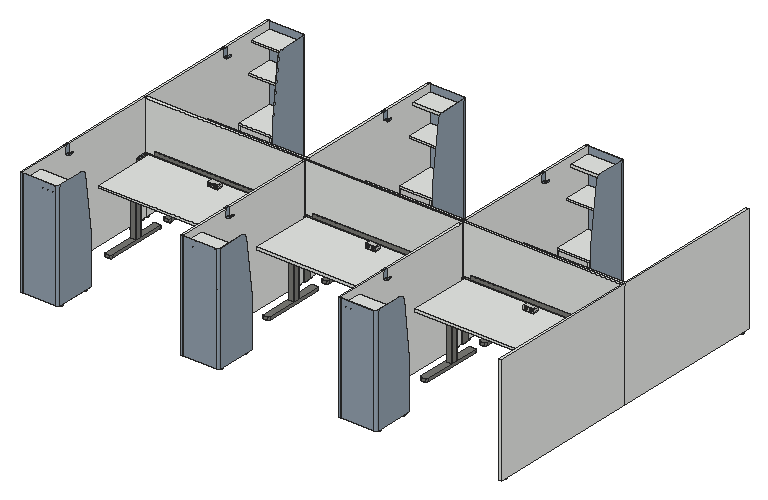
Revit family "Layout-Teknion-Expansion_Cityline_Height_Adjustable_Workstation_10-R2021", category Furniture Systems, Revit 2021 (continued)
Definition of nested family "Desk_Structure-Teknion-JZSBB_EZ_Fence_Beam-R2021"
  Dimensions and locks (in)
    aligned and locked: curve 60 to cut or joined group of Sweep 1, Sweep 2, Sweep 3, Sweep 8, Sweep 9, Sweep 10, Sweep 11, Sweep 12, Sweep 13
    aligned and locked: curve 61 to cut or joined group of Sweep 1, Sweep 2, Sweep 3, Sweep 8, Sweep 9, Sweep 10, Sweep 11, Sweep 12, Sweep 13
    aligned and locked: cut or joined group of Sweep 1, Sweep 2, Sweep 3, Sweep 8, Sweep 9, Sweep 10, Sweep 11, Sweep 12, Sweep 13 to curve 61
    aligned and locked: cut or joined group of Sweep 1, Sweep 2, Sweep 3, Sweep 8, Sweep 9, Sweep 10, Sweep 11, Sweep 12, Sweep 13 to curve 62  (x2)
    aligned and locked: cut or joined group of Sweep 1, Sweep 2, Sweep 3, Sweep 8, Sweep 9, Sweep 10, Sweep 11, Sweep 12, Sweep 13 to curve 63
    aligned and locked: curve 63 to cut or joined group of Sweep 1, Sweep 2, Sweep 3, Sweep 8, Sweep 9, Sweep 10, Sweep 11, Sweep 12, Sweep 13
    aligned and locked: cut or joined group of Sweep 1, Sweep 2, Sweep 3, Sweep 8, Sweep 9, Sweep 10, Sweep 11, Sweep 12, Sweep 13 to curve 64  (x2)
    aligned and locked: cut or joined group of Sweep 1, Sweep 2, Sweep 3, Sweep 8, Sweep 9, Sweep 10, Sweep 11, Sweep 12, Sweep 13 to curve 65  (x2)
    aligned and locked: curve 66 to cut or joined group of Sweep 1, Sweep 2, Sweep 3, Sweep 8, Sweep 9, Sweep 10, Sweep 11, Sweep 12, Sweep 13  (x2)
    aligned and locked: cut or joined group of Sweep 1, Sweep 2, Sweep 3, Sweep 8, Sweep 9, Sweep 10, Sweep 11, Sweep 12, Sweep 13 to curve 67
    aligned and locked: curve 67 to cut or joined group of Sweep 1, Sweep 2, Sweep 3, Sweep 8, Sweep 9, Sweep 10, Sweep 11, Sweep 12, Sweep 13
    aligned and locked: cut or joined group of Sweep 1, Sweep 2, Sweep 3, Sweep 8, Sweep 9, Sweep 10, Sweep 11, Sweep 12, Sweep 13 to curve 68
    aligned and locked: curve 68 to cut or joined group of Sweep 1, Sweep 2, Sweep 3, Sweep 8, Sweep 9, Sweep 10, Sweep 11, Sweep 12, Sweep 13
    aligned and locked: cut or joined group of Sweep 1, Sweep 2, Sweep 3, Sweep 8, Sweep 9, Sweep 10, Sweep 11, Sweep 12, Sweep 13 to curve 69
    aligned and locked: curve 69 to cut or joined group of Sweep 1, Sweep 2, Sweep 3, Sweep 8, Sweep 9, Sweep 10, Sweep 11, Sweep 12, Sweep 13
    aligned and locked: curve 70 to cut or joined group of Sweep 1, Sweep 2, Sweep 3, Sweep 8, Sweep 9, Sweep 10, Sweep 11, Sweep 12, Sweep 13
    aligned and locked: cut or joined group of Sweep 1, Sweep 2, Sweep 3, Sweep 8, Sweep 9, Sweep 10, Sweep 11, Sweep 12, Sweep 13 to curve 70
    aligned and locked: cut or joined group of Sweep 1, Sweep 2, Sweep 3, Sweep 8, Sweep 9, Sweep 10, Sweep 11, Sweep 12, Sweep 13 to curve 71  (x2)
    aligned and locked: curve 72 to cut or joined group of Sweep 1, Sweep 2, Sweep 3, Sweep 8, Sweep 9, Sweep 10, Sweep 11, Sweep 12, Sweep 13
    aligned and locked: curve 73 to plane 4 "Left"
    aligned and locked: curve 74 to plane 7 "Front"
    aligned and locked: plane 1 "Center Front/Back" to nested 2
    aligned and locked: nested 1 to plane 1 "Center Front/Back"
    aligned and locked: plane 1 "Center Front/Back" to nested 3
    aligned and locked: nested 3 to plane 3 "Center Left/Right"
    aligned and locked: plane 3 "Center Left/Right" to nested 5
    aligned and locked: nested 5 to plane 6 "Back"
    aligned and locked: plane 7 "Front" to nested 4
    aligned and locked: nested 4 to plane 3 "Center Left/Right"
    aligned and locked: plane 1 "Center Front/Back" to nested 6
    aligned and locked: plane 1 "Center Front/Back" to nested 7
  Automatic sketch dimensions
    plane 1 "Center Front/Back" to Sweep 4 sketch curve = 0.000"
    Sweep 4 sketch curve to profile plane = 2.85433"  (x2)
    Sweep 4 sketch curve to Sweep 4 sketch curve = 0.81978"
    Sweep 4 sketch curve to Sweep 4 sketch curve = 0.69565"
    plane 1 "Center Front/Back" to Sweep 5 sketch curve = 0.000"
    Sweep 5 sketch curve to profile plane = 2.85433"  (x2)
    Sweep 5 sketch curve to Sweep 5 sketch curve = 0.81978"
    Sweep 5 sketch curve to Sweep 5 sketch curve = 0.69565"
    plane 1 "Center Front/Back" to Sweep 6 sketch curve = 0.000"
    Sweep 6 sketch curve to Sweep 6 sketch curve = 2.85433"  (x2)
    Sweep 6 sketch curve to Sweep 6 sketch curve = 0.81978"
    Sweep 6 sketch curve to Sweep 6 sketch curve = 0.69565"
    plane 1 "Center Front/Back" to Sweep 7 sketch curve = 0.000"
    Sweep 7 sketch curve to Sweep 7 sketch curve = 2.85433"  (x2)
    Sweep 7 sketch curve to Sweep 7 sketch curve = 0.81978"
    Sweep 7 sketch curve to Sweep 7 sketch curve = 0.69565"
    Sweep 8 sketch curve to Sweep 8 sketch curve = 0.11811"  (x4)
    Sweep 9 sketch curve to Sweep 9 sketch curve = 0.11811"  (x8)
    Sweep 10 sketch curve to Sweep 10 sketch curve = 0.11811"  (x4)
    Sweep 11 sketch curve to Sweep 11 sketch curve = 0.11811"  (x8)
    Sweep 12 sketch curve to Sweep 12 sketch curve = 0.11811"  (x4)
    Sweep 13 sketch curve to Sweep 13 sketch curve = 0.11811"  (x8)
    curve 30 to plane 4 "Left" = 0.000"
    curve 29 to plane 4 "Left" = 0.000"
    curve 31 to plane 4 "Left" = 0.000"
    curve 32 to plane 4 "Left" = 0.000"
    curve 35 to plane 4 "Left" = 0.000"
    curve 34 to plane 4 "Left" = 0.000"
    curve 33 to plane 4 "Left" = 0.000"
    curve 35 to plane 5 "Right" = 0.000"
    curve 29 to plane 5 "Right" = 0.000"
    curve 30 to plane 5 "Right" = 0.000"
    curve 31 to plane 5 "Right" = 0.000"
    curve 32 to plane 5 "Right" = 0.000"
    curve 33 to plane 5 "Right" = 0.000"
    curve 34 to plane 5 "Right" = 0.000"
    plane 7 "Front" to curve 36 = 0.000"
    plane 7 "Front" to curve 37 = 0.000"
    curve 35 to curve 31 = 0.000"
    curve 75 to plane 6 "Back" = 0.000"
    curve 74 to plane 5 "Right" = 0.00024"
    Sweep 12 sketch curve to plane 4 "Left" = 0.000"
    Sweep 12 sketch curve to plane 7 "Front" = 0.10017"
    Sweep 13 sketch curve to plane 4 "Left" = 0.000"
    Sweep 13 sketch curve to plane 7 "Front" = 0.10017"
  Nested families (in)
    nested 1: "Teknion_2D_Node_Family-R2020" at (1.65698, 0, 0), type "Teknion_2D_Node_Family-R2020"
    nested 2: "Teknion_2D_Node_Family-R2020" at (85.65798, 0, 0), type "Teknion_2D_Node_Family-R2020"
    nested 3: "Teknion_2D_Node_Family-R2020" at (43.65748, 0, 0), type "Teknion_2D_Node_Family-R2020"
    nested 4: "Teknion_2D_Node_Family-R2020" at (43.65748, -1.69291, 0), type "Teknion_2D_Node_Family-R2020"
    nested 5: "Teknion_2D_Node_Family-R2020" at (43.65748, 1.69291, 0), type "Teknion_2D_Node_Family-R2020"
    nested 6: "Teknion_2D_Node_Family-R2020" at (70.81598, 0, 0), type "Teknion_2D_Node_Family-R2020"
    nested 7: "Teknion_2D_Node_Family-R2020" at (16.49898, 0, 0), type "Teknion_2D_Node_Family-R2020"
  Definition of nested family "Teknion_2D_Node_Family-R2020"
    Reference planes (in)
      plane 1 "Center (Front/Back)": y = 0
      plane 2: z = 0
      plane 3 "Center (Left/Right)": x = 0
    Lines and regions (in)
      detail lines, in view "Ref. Level"
        curve 1: circle (0, 0, 0) r 1.25 normal (0, 0, 1)
        curve 2: line (1.91508, -1.91508, 0) -> (-1.91508, 1.91508, 0)
        curve 3: line (-1.91508, -1.91508, 0) -> (1.91508, 1.91508, 0)
Definition of nested family "Desk_Structures-Teknion-JZSPS_EZ_Fence_Post_With_Screen_Connection-R2020"
  Parameters (values of type "EZ Fence Post With Screen Connection")
    Warranty = "http://www.teknion.com/ca/papers/legal-canada"
    Unit Weight URL = "http://www.teknion.com/ca/tools/assets#&asset=bee6a381-b954-425e-8283-5a2de3a804f2,f828d448-4b62-4231-9e5f-9a8991c0ed77"
    URL = "www.teknion.com"
    To render please download texture images found here [instance] = "https://assets.teknion.com/web/5e81352c1dfdb467/revit-material-swatches/"
    Sustainability Data = "https://www.teknion.com/ca/tools/assets#&topic=216f99a5-57a0-44fc-b10a-9dee9b29ae4c&asset=444deb64-fe58-4b68-981e-f75e97781df7,b4ff2d81-9f2e-437d-9659-7cffb09c31cf"
    Series = "Expansion Cityline"  # constant formula
    Product Page URL = "https://www.teknion.com/ca/products/product-details?productLineId=9ad2a26e-8e7a-673b-a6c8-ff05004460c4"
    Product Line = "EZ Fence Structure"  # constant formula
    Product Documentation Link = "https://www.teknion.com/pricing/expansion-cityline/pdfs/JZSPS_ppg.pdf"
    Part Number = "JZSPS"  # constant formula
    Model = "JZSPSI"
    Manufacturer Phone = "416-661-3370"  # constant formula
    Manufacturer Fax = "416.661.4586"  # constant formula
    Manufacturer Contact Information = "http://www.teknion.com/ca/contactus"
    Manufacturer Address = "1150 Flint Road, Toronto, ON. M3J 2J5. Canada"  # constant formula
    Manufacturer = "Teknion"  # constant formula
    How To Use Teknion Materials User Guide [instance] = "https://assets.teknion.com/m/205dd0a49fa58060/original/How-to-add-a-Material-Library-and-Texture-Images-to-your-Revit-project.pdf"
    For Additional Finishes please visit [instance] = "https://assets.teknion.com/m/44a8009b046e5d47/original/Teknion_Materials_Library.zip"
    Finish [instance] = none
    Description = "EZ Fence Post With Screen Connection - In-Line"
    Default Elevation = 0.000"
    Assembly Code = "E2020200"
  Reference planes (in)
    plane 1 "Center Front/Back": y = 0
    plane 2: z = 0
    plane 3 "Center Left/Right": x = 0.82874
    plane 4 "Left": x = -2.32087
    plane 5 "Right": x = 3.97835
    plane 6 "Back": y = 1.69291
    plane 7 "Front": y = -1.69291
    plane 8 "Top": z = 28.18504
  Forms (in)
    Sweep 1, solid, material <- "Finish"
      path origin (0, 0, 0) x (1, 0, 0) y (0, 0, 1)
        loop
          line (0.82874, 0.60236) -> (0.82874, 23.59843)
      profile origin (0.82874, 0, 12.10039) x (-1, 0, 0) y (0, -1, 0)
        loop
          line (-1.10039, -1.51575) -> (-0.75, -1.51575) -> (-0.75, 1.51575) -> (-1.10039, 1.51575) -> (-1.10039, -1.51575)
        loop
          line (1.10039, -1.51575) -> (1.10039, 1.51575) -> (0.75, 1.51575) -> (0.75, -1.51575) -> (1.10039, -1.51575)
    Sweep 2, solid, material <- "Finish"
      path origin (0, 0, 0) x (1, 0, 0) y (0, 0, 1)
        loop
          line (0.82874, 23.7874) -> (0.82874, 23.59843)
      profile origin (0.82874, 0, 23.69291) x (0, -1, 0) y (1, 0, 0)
        loop
          line (-1.51575, 3.14961) -> (-1.51575, -3.14961) -> (1.51575, -3.14961) -> (1.51575, 3.14961) -> (-1.51575, 3.14961)
    Sweep 3, solid, material <- "Finish"
      path origin (0, 0, 0) x (1, 0, 0) y (0, 1, 0)
        loop
          line (0.07874, 0) -> (1.57874, 0)
      profile origin (0.82874, 0, 0) x (0, 1, 0) y (0, 0, 1)
        loop
          line (1.51575, 27.25984) -> (-1.51575, 27.25984) -> (-1.51575, 26.45276) -> (-1.22047, 26.45276) -> (-1.22047, 23.7874) -> (-1.51575, 23.7874) -> (-1.51575, 23.59843) -> (1.51575, 23.59843) -> (1.51575, 23.7874) -> (1.22047, 23.7874) -> (1.22047, 26.45276) -> (1.51575, 26.45276) -> (1.51575, 27.25984)
        loop
          line (1.69291, 28.18504) -> (-1.69291, 28.18504) -> (-1.69291, 0.60236) -> (1.69291, 0.60236) -> (1.69291, 28.18504)
    Sweep 4, solid, material <- "Finish"
      path origin (0, 0, 0) x (1, 0, 0) y (0, 0, 1)
        loop
          line (0.82874, 0) -> (0.82874, 0.60236)
      profile origin (0.82874, 0, 0.30118) x (-1, 0, 0) y (0, -1, 0)
        loop
          line (0.625, -0.625) -> (0.625, 0.625) -> (-0.625, 0.625) -> (-0.625, -0.625) -> (0.625, -0.625)
    Sweep 5, solid, material <- "Finish"
      path origin (0, 0, 0) x (1, 0, 0) y (0, 1, 0)
        loop
          line (-2.32087, 0) -> (3.97835, 0)
      profile origin (0.82874, 0, 0) x (0, 1, 0) y (0, 0, 1)
        loop
          line (-1.51575, 27.25984) -> (-1.51575, 26.45276) -> (-1.39764, 26.45276) -> (-1.39764, 27.14173) -> (1.39764, 27.14173) -> (1.39764, 26.45276) -> (1.51575, 26.45276) -> (1.51575, 27.25984) -> (-1.51575, 27.25984)
    Sweep 6, void
      path origin (0, 0, 0) x (1, 0, 0) y (0, 1, 0)
        loop
          line (0.82874, 1.69291) -> (0.82874, -1.69291)
      profile origin (0.82874, 0, 0) x (1, 0, 0) y (0, 0, 1)
        loop
          line (-1.77165, 26.66929) -> (-3.14961, 26.66929) -> (-3.14961, 26.23638) -> (-0.75, 26.23638) -> (-0.75, 26.45276) -> (-1.77165, 26.66929)
        loop
          line (0.75, 26.45276) -> (0.75, 26.23638) -> (3.14961, 26.23638) -> (3.14961, 26.66929) -> (1.77165, 26.66929) -> (0.75, 26.45276)
  Cuts and joins
    Sweep 6 cuts Sweep 5
    joined: Sweep 3, Sweep 5
    joined: Sweep 1, Sweep 4
  Lines and regions (in)
    Masking region 1
      outline origin (0, 0, 0) x (1, 0, 0) y (0, 1, 0)
        loop
          line (3.97835, 1.51575) -> (1.57874, 1.51575) -> (1.57874, 1.69291) -> (0.07874, 1.69291) -> (0.07874, 1.51575) -> (-2.32087, 1.51575) -> (-2.32087, -1.51575) -> (0.07874, -1.51575) -> (0.07874, -1.69291) -> (1.57874, -1.69291) -> (1.57874, -1.51575) -> (3.97835, -1.51575) -> (3.97835, 1.51575)
    reference lines
      curve 1: line (-2.32087, 1.69291, 0) -> (3.97835, 1.69291, 0)
      curve 2: line (3.97835, 1.69291, 0) -> (3.97835, -1.69291, 0)
      curve 3: line (3.97835, -1.69291, 0) -> (-2.32087, -1.69291, 0)
      curve 4: line (-2.32087, -1.69291, 0) -> (-2.32087, 1.69291, 0)
    symbolic lines
      curve 5: line (0.07874, -1.69291, 0) -> (0.07874, 1.69291, 0)
      curve 6: line (1.57874, -1.69291, 0) -> (1.57874, 1.69291, 0)
    symbolic lines, detail levels medium+fine
      curve 7: line (0.07874, 1.51575, 0) -> (1.57874, 1.51575, 0)
      curve 8: line (0.07874, -1.51575, 0) -> (1.57874, -1.51575, 0)
      curve 9: line (-2.32087, 1.39764, 0) -> (3.97835, 1.39764, 0)
      curve 10: line (-2.32087, -1.39764, 0) -> (3.97835, -1.39764, 0)
      curve 11: line (-0.27165, 1.51575, 0) -> (-0.27165, -1.51575, 0)
      curve 12: line (1.92913, -1.51575, 0) -> (1.92913, 1.51575, 0)
      curve 13: line (2.60039, 1.39764, 0) -> (2.60039, 1.51575, 0)
      curve 14: line (-0.94291, 1.51575, 0) -> (-0.94291, 1.39764, 0)
      curve 15: line (-0.94291, -1.39764, 0) -> (-0.94291, -1.51575, 0)
      curve 16: line (2.60039, -1.51575, 0) -> (2.60039, -1.39764, 0)
      curve 17: line (1.45374, 0.625, 0) -> (0.20374, 0.625, 0)
      curve 18: line (1.45374, -0.625, 0) -> (1.45374, 0.625, 0)
      curve 19: line (0.20374, -0.625, 0) -> (1.45374, -0.625, 0)
      curve 20: line (0.20374, 0.625, 0) -> (0.20374, -0.625, 0)
    symbolic lines, detail levels fine
      curve 21: line (0.07874, 1.22047, 0) -> (1.57874, 1.22047, 0)
      curve 22: line (1.57874, -1.22047, 0) -> (0.07874, -1.22047, 0)
  Dimensions and locks (in)
    locked: plane 4 "Left" to plane 5 "Right" at 6.29921
    locked: plane 6 "Back" to plane 7 "Front" at 3.38583
    locked: plane 8 "Top" to level at 28.18504
    equal spacing: plane 6 "Back", plane 1 "Center Front/Back", plane 7 "Front"
    equal spacing: plane 4 "Left", plane 3 "Center Left/Right", plane 5 "Right"
    Sweep 1 sketch curve to Sweep 1 sketch curve to plane 2 = 22.99606" locked, 0.60236" locked
    Sweep 1 sketch curve to Sweep 1 sketch curve to plane 3 "Center Left/Right" to Sweep 1 sketch curve to Sweep 1 sketch curve = 0.35039" locked, 0.750" locked, 0.750" locked, 0.35039" locked
    Sweep 1 sketch curve to plane 1 "Center Front/Back" to Sweep 1 sketch curve = 1.51575" locked, 1.51575" locked
    plane 2 to Sweep 2 sketch curve to Sweep 2 sketch curve = 23.59843" locked, 0.18898" locked
    Sweep 2 sketch curve to plane 1 "Center Front/Back" to Sweep 2 sketch curve = 1.51575" locked, 1.51575" locked
    Sweep 3 sketch curve to plane 3 "Center Left/Right" to Sweep 3 sketch curve = 0.750" locked, 0.750" locked
    plane 8 "Top" to Sweep 3 sketch curve to Sweep 3 sketch curve to Sweep 3 sketch curve to Sweep 3 sketch curve = 0.9252" locked, 0.80709" locked, 2.66535" locked, 0.18898" locked
    Sweep 3 sketch curve to Sweep 3 sketch curve to Sweep 3 sketch curve = 0.17717" locked, 0.29528" locked
    Sweep 3 sketch curve to Sweep 3 sketch curve to plane 6 "Back" = 0.29528" locked, 0.17717" locked
    locked: Sweep 3 sketch curve to plane 2 at 0.60236
    locked: Sweep 4 sketch curve to plane 2 at 0.60236
    Sweep 4 sketch curve to plane 3 "Center Left/Right" to Sweep 4 sketch curve = 0.625" locked, 0.625" locked
    Sweep 4 sketch curve to plane 1 "Center Front/Back" to Sweep 4 sketch curve = 0.625" locked, 0.625" locked
    plane 8 "Top" to Sweep 5 sketch curve to Sweep 5 sketch curve to Sweep 5 sketch curve = 0.9252" locked, 0.11811" locked, 0.68898" locked
    plane 7 "Front" to Sweep 5 sketch curve to Sweep 5 sketch curve = 0.17717" locked, 0.11811" locked
    Sweep 5 sketch curve to Sweep 5 sketch curve to plane 6 "Back" = 0.11811" locked, 0.17717" locked
    Sweep 6 sketch curve to Sweep 6 sketch curve to plane 4 "Left" = 1.02165" locked, 1.37795" locked
    Sweep 6 sketch curve to Sweep 6 sketch curve to plane 5 "Right" = 1.02165" locked, 1.37795" locked
    plane 8 "Top" to Sweep 6 sketch curve to Sweep 6 sketch curve = 1.51575" locked, 0.43291" locked
    locked: plane 8 "Top" to Sweep 6 sketch curve at 1.73228  (x2)
    aligned and locked: level to plane 2
    aligned and locked: plane 3 "Center Left/Right" to Sweep 1 sketch curve
    aligned and locked: Sweep 1 sketch curve to Sweep 1 sketch curve  (x2)
    aligned and locked: Sweep 2 sketch curve to plane 3 "Center Left/Right"
    aligned and locked: Sweep 2 sketch curve to plane 4 "Left"
    aligned and locked: Sweep 2 sketch curve to plane 5 "Right"
    aligned and locked: plane 1 "Center Front/Back" to Sweep 3 sketch curve
    aligned and locked: plane 7 "Front" to Sweep 3 sketch curve
    aligned and locked: plane 6 "Back" to Sweep 3 sketch curve
    aligned and locked: plane 8 "Top" to Sweep 3 sketch curve
    aligned and locked: Sweep 3 sketch curve to Sweep 3 sketch curve  (x4)
    aligned and locked: plane 3 "Center Left/Right" to Sweep 4 sketch curve
    aligned and locked: plane 2 to Sweep 4 sketch curve
    aligned and locked: Sweep 5 sketch curve to plane 1 "Center Front/Back"
    aligned and locked: plane 5 "Right" to Sweep 5 sketch curve
    aligned and locked: plane 4 "Left" to Sweep 5 sketch curve
    aligned and locked: Sweep 5 sketch curve to Sweep 5 sketch curve
    aligned and locked: plane 7 "Front" to Sweep 6 sketch curve
    aligned and locked: plane 6 "Back" to Sweep 6 sketch curve
    aligned and locked: Sweep 6 sketch curve to plane 3 "Center Left/Right"
    aligned and locked: Sweep 6 sketch curve to plane 5 "Right"
    aligned and locked: Sweep 6 sketch curve to plane 4 "Left"
    aligned and locked: Sweep 6 sketch curve to Sweep 6 sketch curve  (x2)
    aligned and locked: curve 1 to plane 6 "Back"
    aligned and locked: Sweep 2 to plane 4 "Left"
    aligned and locked: curve 3 to plane 7 "Front"
    aligned and locked: curve 2 to plane 5 "Right"
    aligned and locked: Masking region 1 sketch curve to Sweep 2  (x3)
    aligned and locked: Sweep 2 to Masking region 1 sketch curve  (x2)
    aligned and locked: Masking region 1 sketch curve to cut or joined group of Sweep 3, Sweep 5, Sweep 6  (x4)
    aligned and locked: cut or joined group of Sweep 3, Sweep 5, Sweep 6 to Masking region 1 sketch curve  (x2)
    aligned and locked: curve 5 to cut or joined group of Sweep 3, Sweep 5, Sweep 6
    aligned and locked: curve 6 to cut or joined group of Sweep 3, Sweep 5, Sweep 6
    aligned and locked: curve 7 to Sweep 2
    aligned and locked: Sweep 2 to curve 8
    aligned and locked: curve 10 to cut or joined group of Sweep 3, Sweep 5, Sweep 6
    aligned and locked: curve 9 to cut or joined group of Sweep 3, Sweep 5, Sweep 6
    aligned and locked: curve 11 to cut or joined group of Sweep 1, Sweep 4
    aligned and locked: curve 12 to cut or joined group of Sweep 1, Sweep 4
    aligned and locked: curve 13 to cut or joined group of Sweep 3, Sweep 5, Sweep 6
    aligned and locked: curve 14 to cut or joined group of Sweep 3, Sweep 5, Sweep 6
    aligned and locked: curve 15 to cut or joined group of Sweep 3, Sweep 5, Sweep 6
    aligned and locked: curve 16 to cut or joined group of Sweep 3, Sweep 5, Sweep 6
    aligned and locked: curve 17 to cut or joined group of Sweep 1, Sweep 4
    aligned and locked: curve 18 to cut or joined group of Sweep 1, Sweep 4
    aligned and locked: curve 19 to cut or joined group of Sweep 1, Sweep 4
    aligned and locked: curve 20 to cut or joined group of Sweep 1, Sweep 4
    aligned and locked: curve 21 to cut or joined group of Sweep 3, Sweep 5, Sweep 6
    aligned and locked: curve 22 to cut or joined group of Sweep 3, Sweep 5, Sweep 6
  Automatic sketch dimensions
    curve 3 to plane 4 "Left" = 0.000"
    Masking region 1 sketch curve to plane 6 "Back" = 0.17717"
    curve 10 to plane 4 "Left" = 0.000"
    curve 9 to plane 4 "Left" = 0.000"
    curve 10 to plane 5 "Right" = 0.000"
    curve 9 to plane 5 "Right" = 0.000"
    plane 7 "Front" to curve 6 = 0.000"
    plane 7 "Front" to curve 5 = 0.000"
    curve 5 to plane 6 "Back" = 0.000"
    curve 6 to plane 6 "Back" = 0.000"
    curve 11 to plane 7 "Front" = 0.17717"
    curve 11 to plane 6 "Back" = 0.17717"
    curve 12 to plane 7 "Front" = 0.17717"
    curve 12 to plane 6 "Back" = 0.17717"
    curve 13 to curve 13 = 0.11811"
    curve 14 to curve 14 = 0.11811"
    curve 15 to curve 15 = 0.11811"
    curve 16 to curve 16 = 0.11811"
  Nested families (in)
    nested 1: "Teknion_2D_Node_Family-R2016" at (1.65748, 0, 0), type "Teknion_2D_Node_Family-R2016"
    nested 2: "Teknion_2D_Node_Family-R2016" at (0.82874, 0, 0), type "Teknion_2D_Node_Family-R2016"
    nested 3: "Teknion_2D_Node_Family-R2016" at (0, 0, 0), type "Teknion_2D_Node_Family-R2016"
  Definition of nested family "Teknion_2D_Node_Family-R2016"
    Reference planes (in)
      plane 1 "Center (Front/Back)": y = 0
      plane 2: z = 0
      plane 3 "Center (Left/Right)": x = 0
    Lines and regions (in)
      detail lines, in view "Ref. Level"
        curve 1: circle (0, 0, 0) r 1.25 normal (0, 0, 1)
        curve 2: line (1.91508, -1.91508, 0) -> (-1.91508, 1.91508, 0)
        curve 3: line (-1.91508, -1.91508, 0) -> (1.91508, 1.91508, 0)
Definition of nested family "Screen-Teknion-JZSASB_Solid_Add_On_Screen_EZ_Fence_Beam_Mounted-R2021"
  Parameters (values of type "Standard Beam Height (28"), 57" Datum Height")
    Without Alignment Holes [instance] = not(With Alignment Holes)  # yes
    With Alignment Holes [instance] = no
    Width [instance] = 84.000"
    Warranty = "http://www.teknion.com/ca/papers/legal-canada"
    Unit Weight URL = "http://www.teknion.com/ca/tools/assets#&asset=bee6a381-b954-425e-8283-5a2de3a804f2,f828d448-4b62-4231-9e5f-9a8991c0ed77"
    URL = "www.teknion.com"
    To render please download texture images found here [instance] = "https://assets.teknion.com/web/5e81352c1dfdb467/revit-material-swatches/"
    Sustainability Data = "https://www.teknion.com/ca/tools/assets#&topic=216f99a5-57a0-44fc-b10a-9dee9b29ae4c&asset=444deb64-fe58-4b68-981e-f75e97781df7,b4ff2d81-9f2e-437d-9659-7cffb09c31cf"
    Standard [instance] = not(Radius)  # yes
    Series = "Expansion Cityline"  # constant formula
    Screen Finish [instance] = none
    Radius [instance] = no
    Product Page URL = "https://www.teknion.com/ca/products/product-details?productLineId=9ad2a26e-8e7a-673b-a6c8-ff05004460c4"
    Product Line = "Expansion Cityline"  # constant formula
    Product Documentation Link = "https://www.teknion.com/pricing/expansion-cityline/pdfs/JZSASB_ppg.pdf"
    Part Number = "JZSASB"  # constant formula
    Model = "JZSASBC57_____"
    Manufacturer Phone = "416-661-3370"  # constant formula
    Manufacturer Fax = "416.661.4586"  # constant formula
    Manufacturer Contact Information = "http://www.teknion.com/ca/contactus"
    Manufacturer Address = "1150 Flint Road, Toronto, ON. M3J 2J5. Canada"  # constant formula
    Manufacturer = "Teknion"  # constant formula
    In-line [instance] = yes
    How To Use Teknion Materials User Guide [instance] = "https://assets.teknion.com/m/205dd0a49fa58060/original/How-to-add-a-Material-Library-and-Texture-Images-to-your-Revit-project.pdf"
    Cover Gap [instance] = if(End, 5.002", if([In-line], 4.252", 5.002"))  # 4.252"
    For Additional Finishes please visit [instance] = "https://assets.teknion.com/m/44a8009b046e5d47/original/Teknion_Materials_Library.zip"
    End Corner Detail Option [instance] = "Select One End Corner Detail Option. Radius Coner is Not Available for In-line Configuration."  # constant formula
    End [instance] = not([In-line])  # no
    Description = "Solid Add-On Screen - EZ Fence Beam-Mounted - Standard Beam Height (28\"), 57\" Datum Height"
    Default Elevation = 0.000"
    Datum Height = 57.000"
    Cut-Out - Alignment Holes - Right [instance] = if(With Alignment Holes, 2.000", 0.200")  # 0.200"
    Cut-Out - Alignment Holes - Left [instance] = if(With Alignment Holes, 2.000", 0.200")  # 0.200"
    Cover Finish [instance] = none
    Configuration Option [instance] = "Select Configuration Option. End Configuration is Default."  # constant formula
    Beam Height = 28.18504"
    Available Width [instance] = "48, 54, 60, 66, 72, 78 & 84 Inch"  # constant formula
    Assembly Code = "E2020200"
    Alignment Holes Option [instance] = "Select Alignment Holes Option. Without Alignment Holes is Default."  # constant formula
    Actual Width [instance] = if(End, Width + 2.408", if([In-line], Width + 1.658", Width + 0.000"))  # 85.658"
    2D - Hole - Right [instance] = and(or(Standard, Radius), With Alignment Holes)  # no
    2D - Hole - Left [instance] = and(Standard, With Alignment Holes)  # no
  Types (6): name | Without Alignment Holes | With Alignment Holes | Model | Description | Datum Height | Cut-Out - Alignment Holes - Right | Cut-Out - Alignment Holes - Left | Beam Height | 2D - Hole - Right | 2D - Hole - Left
    (no name) | yes | no | "JZSASBC57_____" | "Solid Add-On Screen - EZ Fence Beam-Mounted - Standard Beam Height (28\"), 57\" Datum Height" | 57.000" | 0.200" | 0.200" | 28.18504" | no | no
    Standard Beam Height (28"), 57" Datum Height | yes | no | "JZSASBC57_____" | "Solid Add-On Screen - EZ Fence Beam-Mounted - Standard Beam Height (28\"), 57\" Datum Height" | 57.000" | 0.200" | 0.200" | 28.18504" | no | no
    Standard Beam Height (28"), 51" Datum Height | no | yes | "JZSASBC51_____" | "Solid Add-On Screen - EZ Fence Beam-Mounted - Standard Beam Height (28\"), 51\" Datum Height" | 50.830" | 2.000" | 2.000" | 28.18504" | yes | yes
    Standard Beam Height (28"), 42" Datum Height | no | yes | "JZSASBC42_____" | "Solid Add-On Screen - EZ Fence Beam-Mounted - Standard Beam Height (28\"), 42\" Datum Height" | 42.000" | 2.000" | 2.000" | 28.18504" | yes | yes
    Low Beam Height (18"), 42" Datum Height | yes | no | "JZSASBL42_____" | "Solid Add-On Screen - EZ Fence Beam-Mounted - Low Beam Height (18\"), 42\" Datum Height" | 42.000" | 0.200" | 0.200" | 18.000" | no | no
    Low Beam Height (18"), 51" Datum Height | yes | no | "JZSASBL51_____" | "Solid Add-On Screen - EZ Fence Beam-Mounted - Low Beam Height (18\"), 51\" Datum Height" | 51.000" | 0.200" | 0.200" | 18.000" | no | no
  Reference planes (in)
    plane 1 "Center Front/Back": y = 0
    plane 2: z = 0
    plane 3 "Center Left/Right": x = 41.6252
    plane 4 "Left": x = -1.2038
    plane 5 "Right": x = 84.4542
    plane 6 "Back": y = 0.90551
    plane 7 "Front": y = -0.90551
    plane 8 "Top": z = 57
    plane 9: z = 28.18504
  Forms (in)
    Sweep 1, solid, material <- "Screen Finish", visible <- "Standard"
      path origin (0, 0, 0) x (1, 0, 0) y (0, 0, 1)
        loop
          line (41.6252, 28.18504) -> (41.6252, 57)
      profile origin (41.6252, 0, 42.59252) x (-1, 0, 0) y (0, -1, 0)
        loop
          line (42.829, -0.50787) -> (42.829, 0.50787) -> (-42.829, 0.50787) -> (-42.829, -0.50787) -> (42.829, -0.50787)
    Sweep 2, solid, material <- "Cover Finish"
      path origin (0, 0, 0) x (1, 0, 0) y (0, 1, 0)
        loop
          line (80.20183, 0) -> (3.0482, 0)
      profile origin (41.62502, 0, 0) x (0, -1, 0) y (0, 0, 1)
        loop
          line (-0.50787, 30.0748) -> (-0.90551, 30.0748) -> (-0.90551, 28.18504) -> (-0.50787, 28.18504) -> (-0.50787, 30.0748)
        loop
          line (0.50787, 30.0748) -> (0.50787, 28.18504) -> (0.90551, 28.18504) -> (0.90551, 30.0748) -> (0.50787, 30.0748)
    Sweep 3, void
      path origin (0, 0, 0) x (1, 0, 0) y (0, 1, 0)
        loop
          line (84.9353, 0) -> (85.1353, 0)
      profile origin (85.0353, 0, 0) x (0, 1, 0) y (0, 0, 1)
        loop
          circle (0, 54) r 0.1575
    Sweep 4, void
      path origin (0, 0, 0) x (1, 0, 0) y (0, 1, 0)
        loop
          line (-1.8848, 0) -> (-1.6848, 0)
      profile origin (-1.7848, 0, 0) x (0, 1, 0) y (0, 0, 1)
        loop
          circle (0, 54) r 0.1575
    Sweep 5, solid, material <- "Screen Finish", visible <- "Radius"
      path origin (0, 0, 0) x (1, 0, 0) y (0, 1, 0)
        loop
          line (41.6252, 0.50787) -> (41.6252, -0.50787)
      profile origin (41.6252, 0, 0) x (1, 0, 0) y (0, 0, 1)
        loop
          line (-42.829, 55) -> (-42.829, 28.18504) -> (42.829, 28.18504) -> (42.829, 57) -> (-40.829, 57)
          arc (-40.829, 57) -> (-42.24321, 56.41421) -> (-42.829, 55) r 2
  Cuts and joins
    Sweep 3 cuts Sweep 5
    Sweep 3, Sweep 4 cuts Sweep 1
  Lines and regions (in)
    Masking region 1
      outline origin (0, 0, 0) x (1, 0, 0) y (0, 1, 0)
        loop
          line (-1.2038, 0.50787) -> (-1.2038, -0.50787) -> (3.0482, -0.50787) -> (3.0482, -0.90551) -> (80.20183, -0.90551) -> (80.20183, -0.50787) -> (84.4542, -0.50787) -> (84.4542, 0.50787) -> (80.20183, 0.50787) -> (80.20183, 0.90551) -> (3.0482, 0.90551) -> (3.0482, 0.50787) -> (-1.2038, 0.50787)
    symbolic lines
      curve 1: line (1.2482, 0.50787, 0) -> (82.00183, 0.50787, 0)
      curve 2: line (82.00183, -0.50787, 0) -> (1.2482, -0.50787, 0)
    symbolic lines, visible <- "2D - Hole - Right", detail levels medium+fine
      curve 3: line (84.9353, 0.1575, 0) -> (84.9353, -0.1575, 0)
      curve 4: line (84.9353, -0.1575, 0) -> (84.4542, -0.1575, 0)
      curve 5: line (84.9353, 0.1575, 0) -> (84.4542, 0.1575, 0)
    symbolic lines, visible <- "2D - Hole - Left", detail levels medium+fine
      curve 6: line (-1.2038, 0.1575, 0) -> (-1.6848, 0.1575, 0)
      curve 7: line (-1.6848, 0.1575, 0) -> (-1.6848, -0.1575, 0)
      curve 8: line (-1.6848, -0.1575, 0) -> (-1.2038, -0.1575, 0)
    reference lines
      curve 9: line (-1.2038, 0.90551, 0) -> (-1.2038, -0.90551, 0)
      curve 10: line (-1.2038, 0.90551, 0) -> (84.4542, 0.90551, 0)
      curve 11: line (-1.2038, -0.90551, 0) -> (84.4542, -0.90551, 0)
      curve 12: line (84.4542, 0.90551, 0) -> (84.4542, -0.90551, 0)
  Dimensions and locks (in)
    "Actual Width": plane 4 "Left" to plane 5 "Right"
    locked: plane 6 "Back" to plane 7 "Front" at 1.81102
    "Datum Height": plane 8 "Top" to level
    equal spacing: plane 6 "Back", plane 1 "Center Front/Back", plane 7 "Front"
    equal spacing: plane 4 "Left", plane 3 "Center Left/Right", plane 5 "Right"
    Sweep 1 sketch curve to plane 1 "Center Front/Back" to Sweep 1 sketch curve = 0.50787" locked, 0.50787" locked
    locked: Sweep 2 sketch curve to plane 5 "Right" at 4.25236
    "Cover Gap": plane 4 "Left" to Sweep 2 sketch curve
    locked: Sweep 2 sketch curve to plane 9 at 1.88976  (x2)
    locked: Sweep 2 sketch curve to plane 6 "Back" at 0.39764
    locked: plane 7 "Front" to Sweep 2 sketch curve at 0.39764
    "Beam Height": plane 9 to plane 2
    locked: plane 5 "Right" to Sweep 3 sketch curve at 0.6811
    "Cut-Out - Alignment Holes - Right": Sweep 3 sketch curve to Sweep 3 sketch curve
    locked: plane 8 "Top" to Sweep 3 sketch curve at 3
    locked: Sweep 4 sketch curve to plane 4 "Left" at 0.681
    "Cut-Out - Alignment Holes - Left": Sweep 4 sketch curve to Sweep 4 sketch curve
    locked: plane 8 "Top" to Sweep 4 sketch curve at 3
    Sweep 5 sketch curve to plane 1 "Center Front/Back" to Sweep 5 sketch curve = 0.50787" locked, 0.50787" locked
    locked: Sweep 5 sketch curve to plane 4 "Left" at 2
    locked: plane 8 "Top" to Sweep 5 sketch curve at 2
    locked: nested 2 to plane 5 "Right" at 0.829
    locked: plane 4 "Left" to nested 3 at 0.829
    radius of Sweep 3 = 0.1575"  (x2)
    aligned and locked: level to plane 2
    aligned and locked: plane 3 "Center Left/Right" to Sweep 1 sketch curve
    aligned and locked: plane 8 "Top" to Sweep 1 sketch curve
    aligned and locked: plane 9 to Sweep 1 sketch curve
    aligned and locked: plane 5 "Right" to Sweep 1 sketch curve
    aligned and locked: plane 4 "Left" to Sweep 1 sketch curve
    aligned and locked: Sweep 2 sketch curve to plane 1 "Center Front/Back"
    aligned and locked: Sweep 2 sketch curve to plane 6 "Back"
    aligned and locked: Sweep 2 sketch curve to plane 9  (x2)
    aligned and locked: plane 7 "Front" to Sweep 2 sketch curve
    aligned and locked: plane 1 "Center Front/Back" to Sweep 3 sketch curve  (x2)
    aligned and locked: Sweep 4 sketch curve to plane 1 "Center Front/Back"
    aligned and locked: plane 1 "Center Front/Back" to Sweep 4 sketch curve
    aligned and locked: Sweep 5 sketch curve to plane 3 "Center Left/Right"
    aligned and locked: Sweep 5 sketch curve to plane 9
    aligned and locked: Sweep 5 sketch curve to plane 5 "Right"
    aligned and locked: plane 8 "Top" to Sweep 5 sketch curve
    aligned and locked: Sweep 5 sketch curve to plane 4 "Left"
    aligned and locked: Masking region 1 sketch curve to cut or joined group of Sweep 1, Sweep 3, Sweep 4  (x4)
    aligned and locked: cut or joined group of Sweep 1, Sweep 3, Sweep 4 to Masking region 1 sketch curve  (x2)
    aligned and locked: Masking region 1 sketch curve to Sweep 2  (x4)
    aligned and locked: Sweep 2 to Masking region 1 sketch curve
    aligned and locked: curve 1 to Sweep 2
    aligned and locked: curve 2 to Sweep 2
    aligned and locked: curve 3 to cut or joined group of Sweep 1, Sweep 3, Sweep 4
    aligned and locked: plane 4 "Left" to curve 8
    aligned and locked: plane 4 "Left" to curve 6
    aligned and locked: curve 7 to cut or joined group of Sweep 1, Sweep 3, Sweep 4
    aligned and locked: plane 5 "Right" to curve 5
    aligned and locked: plane 5 "Right" to curve 4
    aligned and locked: nested 3 to plane 1 "Center Front/Back"
    aligned and locked: plane 1 "Center Front/Back" to nested 1
    aligned and locked: nested 1 to plane 3 "Center Left/Right"
    aligned and locked: plane 1 "Center Front/Back" to nested 2
    aligned and locked: Sweep 3 to curve 5
    aligned and locked: Sweep 3 to curve 4
    aligned and locked: curve 6 to Sweep 4
    aligned and locked: Sweep 4 to curve 8
    aligned and locked: curve 9 to plane 4 "Left"
    aligned and locked: curve 10 to plane 6 "Back"
    aligned and locked: plane 7 "Front" to curve 11
    aligned and locked: curve 12 to plane 5 "Right"
  Automatic sketch dimensions
    profile plane to Sweep 4 sketch curve = 0.1575"
    Sweep 4 sketch curve to Sweep 4 sketch curve = 0.000"  (x2)
    Sweep 3 sketch curve to Sweep 3 sketch curve = 0.1575"
    Sweep 3 sketch curve to Sweep 3 sketch curve = 0.000"  (x2)
    Masking region 1 sketch curve to plane 6 "Back" = 0.000"
    curve 7 to curve 2 = 2.933"
    curve 1 to curve 2 = 0.000"
    curve 1 to curve 3 = 2.93346"
    curve 2 to curve 1 = 0.000"
  Nested families (in)
    nested 1: "Teknion_2D_Node_Family-R2016" at (41.6252, 0, 0), type "Teknion_2D_Node_Family-R2016"
    nested 2: "Teknion_2D_Node_Family-R2016" at (83.6252, 0, 0), type "Teknion_2D_Node_Family-R2016"
    nested 3: "Teknion_2D_Node_Family-R2016" at (-0.3748, 0, 0) x (-1, 0, 0) z (0, 0, 1), type "Teknion_2D_Node_Family-R2016"
  Definition of nested family "Teknion_2D_Node_Family-R2016"
    Reference planes (in)
      plane 1 "Center (Front/Back)": y = 0
      plane 2: z = 0
      plane 3 "Center (Left/Right)": x = 0
    Lines and regions (in)
      detail lines, in view "Ref. Level"
        curve 1: circle (0, 0, 0) r 1.25 normal (0, 0, 1)
        curve 2: line (1.91508, -1.91508, 0) -> (-1.91508, 1.91508, 0)
        curve 3: line (-1.91508, -1.91508, 0) -> (1.91508, 1.91508, 0)
Definition of nested family "Electrical-Teknion-JNEPC_Power_Cube-R2015"
  Parameters (values of type "Quad - 2 Power/ 2 USB/1 Data")
    Worksurface Thickness [instance] = 1.1875"
    Width [instance] = if([Has Quad - 2 Power/2 USB/1 Data], 7.5625", 5.000")  # 7.5625"
    Warranty = "http://www.teknion.com/ca/papers/legal-canada"
    Voltage = 120 V
    Unit Weight URL = "http://www.teknion.com/ca/tools/assets#&asset=bee6a381-b954-425e-8283-5a2de3a804f2,f828d448-4b62-4231-9e5f-9a8991c0ed77"
    URL = "www.teknion.com"
    Sustainability Data = "http://www.teknion.com/ca/tools/assets#&topic=216f99a5-57a0-44fc-b10a-9dee9b29ae4c&asset=444deb64-fe58-4b68-981e-f75e97781df7"
    Series = "Expansion Cityline"  # constant formula
    Right Power/USB Charger [instance] = if(or([Has Quad - 2 Power/2 USB/1 Data], Has Power & USB Charger slot), 0.84375", 0.5625")  # 0.84375"
    Right Power Hole Depth [instance] = if(Has Power & Power slot, 0.84375", 0.5625")  # 0.5625"
    Right Power Hole - Quad Depth [instance] = if([Has Quad - 2 Power/2 USB/1 Data], 2.000", 0.5625")  # 2.000"
    Right Offset [instance] = if([Has Quad - 2 Power/2 USB/1 Data], 0.625", 0.77344")  # 0.625"
    Product Page URL = "http://www.teknion.com/ca/products/product-details?productlineid=9ad2a26e-8e7a-673b-a6c8-ff05004460c4"
    Product Line = "Expansion Cityline"  # constant formula
    Product Documentation Link = "http://www.teknion.com/pricing/expansion-cityline/pdfs/JNEPC_ppg.pdf"
    Power Cube - Case and Front Finish [instance] = none
    Part Number = "JNEPC"  # constant formula
    Model = "JNEPC"  # constant formula
    Manufacturer Phone = "416-661-3370"  # constant formula
    Manufacturer Fax = "416.661.4586"  # constant formula
    Manufacturer Email = "http://www.teknion.com/ca/contactus"
    Manufacturer Address = "1150 Flint Road, Toronto, ON. M3J 2J5. Canada"  # constant formula
    Manufacturer = "Teknion"  # constant formula
    Left Power Hole Depth [instance] = if(or(Has Power & Power slot, Has Power & USB Charger slot, [Has Quad - 2 Power/2 USB/1 Data]), 0.84375", 0.5625")  # 0.84375"
    Left Offset [instance] = if([Has Quad - 2 Power/2 USB/1 Data], 0.35156", 0.67578")  # 0.35156"
    Has Quad - 2 Power/2 USB/1 Data = yes
    Has Power Cube Below Worksurface = if(Has Power Cube Above Worksurface, 1 > 2, 1 < 2)  # no
    Has Power Cube Above Worksurface = yes
    Has Power & USB Charger slot = no
    Has Power & Power slot = no
    Description = "Power Cube"  # constant formula
    Default Elevation = 48.000"
    Data Hole Depth [instance] = if([Has Quad - 2 Power/2 USB/1 Data], 2.000", 0.5625")  # 2.000"
    Connector Descriptor = "Power Connector"  # constant formula
    Apparent Load = 0 VA
  Types (3): name | Width | Right Power/USB Charger | Right Power Hole Depth | Right Power Hole - Quad Depth | Right Offset | Left Offset | Has Quad - 2 Power/2 USB/1 Data | Has Power & USB Charger slot | Has Power & Power slot | Data Hole Depth
    Dual - Power Only | 5.000" | 0.5625" | 0.84375" | 0.5625" | 0.77344" | 0.67578" | no | no | yes | 0.5625"
    Dual - 1 Power / 2 USB / 0 Data | 5.000" | 0.84375" | 0.5625" | 0.5625" | 0.77344" | 0.67578" | no | yes | no | 0.5625"
    Quad - 2 Power/ 2 USB/1 Data | 7.5625" | 0.84375" | 0.5625" | 2.000" | 0.625" | 0.35156" | yes | no | no | 2.000"
  Reference planes (in)
    plane 1 "Center (Front/Back)": y = 0
    plane 2: z = 0
    plane 3 "Center (Left/Right)": x = 0
    plane 4 "B/O Worksurface": z = -1.1875
    plane 5: z = -4.41978
    plane 6: z = 2
    plane 7: y = -1.17126
    plane 8: y = 1.25
    plane 9: y = 2.5
    plane 10: y = -1.25
    plane 11: x = -3.78125
    plane 12: x = 3.78125
    plane 13 "Power Hole Depth (Above Worksurface)": y = -2
    plane 14: y = -0.75
    plane 15: z = -2.41978
    plane 16: z = -1.2938
    plane 17: y = 0.07874
    plane 18: x = -0.35156
    plane 19: x = 3.15625
  Forms (in)
    Extrusion 1, solid
      sketch origin (0, 0, 0) x (1, 0, 0) y (0, 1, 0)
        loop
          line (-48, 48) -> (-48, -48) -> (48, -48) -> (48, 48) -> (-48, 48)
      from 0 to -12
    Blend 2, solid, material <- "Power Cube - Case and Front Finish", visible <- "Has Power Cube Above Worksurface"
      base sketch origin (2.5, -1.17126, 48) x (1, 0, 0) y (0, 0, 1)
        loop
          line (1.28125, -47.62598) -> (1.28125, -46.37363)
          arc (1.28125, -46.37363) -> (1.17182, -46.10943) -> (0.90762, -46) r 0.37363
          line (0.90762, -46) -> (-5.90762, -46)
          arc (-5.90762, -46) -> (-6.17182, -46.10943) -> (-6.28125, -46.37363) r 0.37363
          line (-6.28125, -46.37363) -> (-6.28125, -47.62586)
          arc (-6.28125, -47.62586) -> (-6.17167, -47.89042) -> (-5.90711, -48) r 0.37414
          line (-5.90711, -48) -> (0.90723, -48)
          arc (0.90723, -48) -> (1.1717, -47.89045) -> (1.28125, -47.62598) r 0.37402
      top sketch origin (2.43454, 1.25, 48) x (1, 0, 0) y (0, 0, 1)
        loop
          line (-5.84177, -48) -> (0.9727, -48)
          arc (0.9727, -48) -> (1.19416, -47.86842) -> (1.28125, -47.62598) r 0.38096
          line (1.28125, -47.62598) -> (1.28125, -46.50504)
          arc (1.28125, -46.50504) -> (1.1717, -46.24057) -> (0.90723, -46.13102) r 0.37402
          line (0.90723, -46.13102) -> (-5.77669, -46.13102)
          arc (-5.77669, -46.13102) -> (-6.04089, -46.24045) -> (-6.15032, -46.50465) r 0.37363
          line (-6.15032, -46.50465) -> (-6.15032, -47.62598)
          arc (-6.15032, -47.62598) -> (-6.06323, -47.86842) -> (-5.84177, -48) r 0.38096
      from 0 to 0
    Extrusion 3, solid, visible <- "Has Power Cube Above Worksurface"
      sketch origin (2.47046, -1.17126, 48) x (1, 0, 0) y (0, 0, 1)
        loop
          line (-2.86139, -46.4748) -> (-3.83304, -46.4748)
          arc (-3.83304, -46.4748) -> (-3.86088, -46.48633) -> (-3.87241, -46.51417) r 0.03937
          line (-3.87241, -46.51417) -> (-3.87241, -47.48583)
          arc (-3.87241, -47.48583) -> (-3.86088, -47.51367) -> (-3.83304, -47.5252) r 0.03937
          line (-3.83304, -47.5252) -> (-2.86139, -47.5252)
          arc (-2.86139, -47.5252) -> (-2.83355, -47.51367) -> (-2.82202, -47.48583) r 0.03937
          line (-2.82202, -47.48583) -> (-2.82202, -46.51417)
          arc (-2.82202, -46.51417) -> (-2.83355, -46.48633) -> (-2.86139, -46.4748) r 0.03937
      from 0 to 0.07874
    Extrusion 4, solid, visible <- "Has Power Cube Above Worksurface"
      sketch origin (2.52954, -1.17126, 48) x (1, 0, 0) y (0, 0, 1)
        loop
          line (0.58734, -46.4748) -> (-0.38432, -46.4748)
          arc (-0.38432, -46.4748) -> (-0.41216, -46.48633) -> (-0.42369, -46.51417) r 0.03937
          line (-0.42369, -46.51417) -> (-0.42369, -47.48583)
          arc (-0.42369, -47.48583) -> (-0.41216, -47.51367) -> (-0.38432, -47.5252) r 0.03937
          line (-0.38432, -47.5252) -> (0.58734, -47.5252)
          arc (0.58734, -47.5252) -> (0.61518, -47.51367) -> (0.62671, -47.48583) r 0.03937
          line (0.62671, -47.48583) -> (0.62671, -46.51417)
          arc (0.62671, -46.51417) -> (0.61518, -46.48633) -> (0.58734, -46.4748) r 0.03937
      from 0 to 0.07874
    Extrusion 5, void
      sketch origin (4.07571, -1.25, 48) x (-1, 0, 0) y (0, 0, 1)
        loop
          line (5.22849, -46.62047) -> (5.15763, -46.62047) -> (5.15763, -46.95906) -> (5.22849, -46.95906) -> (5.22849, -46.62047)
        loop
          line (4.74818, -46.65197) -> (4.67731, -46.65197) -> (4.67731, -46.92756) -> (4.74818, -46.92756) -> (4.74818, -46.65197)
        loop
          line (5.04936, -47.34409) -> (5.04936, -47.22795)
          arc (5.04936, -47.22795) -> (4.9529, -47.1315) -> (4.85645, -47.22795) r 0.09646
          line (4.85645, -47.22795) -> (4.85645, -47.34409) -> (5.04936, -47.34409)
      from -0.75 to 0.09375
    Extrusion 6, void
      sketch origin (-2.47046, -1.25, 48) x (1, 0, 0) y (0, 0, -1)
        loop
          line (5.37719, 46.62047) -> (5.37719, 46.95906) -> (5.30633, 46.95906) -> (5.30633, 46.62047) -> (5.37719, 46.62047)
        loop
          line (4.89688, 46.65197) -> (4.89688, 46.92756) -> (4.82601, 46.92756) -> (4.82601, 46.65197) -> (4.89688, 46.65197)
        loop
          line (5.19806, 47.34409) -> (5.00515, 47.34409) -> (5.00515, 47.22795)
          arc (5.00515, 47.22795) -> (5.1016, 47.1315) -> (5.19806, 47.22795) r 0.09646
          line (5.19806, 47.22795) -> (5.19806, 47.34409)
      from -0.75 to -0.1875
    Extrusion 7, void
      sketch origin (-1.4177, -2, 48) x (1, 0, 0) y (0, 0, 1)
        loop
          line (3.73909, -47.35443) -> (3.93609, -47.35443) -> (3.93609, -46.65948) -> (3.73909, -46.65948) -> (3.73909, -47.35443)
        loop
          line (4.16109, -47.35443) -> (4.35809, -47.35443) -> (4.35809, -46.65948) -> (4.16109, -46.65948) -> (4.16109, -47.35443)
      from 0 to -0.84375
    Extrusion 8, solid, visible <- "Has Quad - 2 Power/2 USB/1 Data"
      sketch origin (4.22441, -1.17126, 47.99887) x (1, 0, 0) y (0, 0, 1)
        loop
          line (-2.86139, -46.4748) -> (-3.83304, -46.4748)
          arc (-3.83304, -46.4748) -> (-3.86088, -46.48633) -> (-3.87241, -46.51417) r 0.03937
          line (-3.87241, -46.51417) -> (-3.87241, -47.48583)
          arc (-3.87241, -47.48583) -> (-3.86088, -47.51367) -> (-3.83304, -47.5252) r 0.03937
          line (-3.83304, -47.5252) -> (-2.86139, -47.5252)
          arc (-2.86139, -47.5252) -> (-2.83355, -47.51367) -> (-2.82202, -47.48583) r 0.03937
          line (-2.82202, -47.48583) -> (-2.82202, -46.51417)
          arc (-2.82202, -46.51417) -> (-2.83355, -46.48633) -> (-2.86139, -46.4748) r 0.03937
      from 0 to 0.07874
    Extrusion 9, void
      sketch origin (5.82966, -1.25, 47.99887) x (-1, 0, 0) y (0, 0, 1)
        loop
          line (5.22849, -46.62047) -> (5.15763, -46.62047) -> (5.15763, -46.95906) -> (5.22849, -46.95906) -> (5.22849, -46.62047)
        loop
          line (4.74818, -46.65197) -> (4.67731, -46.65197) -> (4.67731, -46.92756) -> (4.74818, -46.92756) -> (4.74818, -46.65197)
        loop
          line (5.04936, -47.34409) -> (5.04936, -47.22795)
          arc (5.04936, -47.22795) -> (4.9529, -47.1315) -> (4.85645, -47.22795) r 0.09646
          line (4.85645, -47.22795) -> (4.85645, -47.34409) -> (5.04936, -47.34409)
      from -0.75 to 1.25
    Extrusion 10, solid, visible <- "Has Quad - 2 Power/2 USB/1 Data"
      sketch origin (0.716, -1.17126, 47.99887) x (1, 0, 0) y (0, 0, 1)
        loop
          line (-2.86139, -46.4748) -> (-3.83304, -46.4748)
          arc (-3.83304, -46.4748) -> (-3.86088, -46.48633) -> (-3.87241, -46.51417) r 0.03937
          line (-3.87241, -46.51417) -> (-3.87241, -47.48583)
          arc (-3.87241, -47.48583) -> (-3.86088, -47.51367) -> (-3.83304, -47.5252) r 0.03937
          line (-3.83304, -47.5252) -> (-2.86139, -47.5252)
          arc (-2.86139, -47.5252) -> (-2.83355, -47.51367) -> (-2.82202, -47.48583) r 0.03937
          line (-2.82202, -47.48583) -> (-2.82202, -46.51417)
          arc (-2.82202, -46.51417) -> (-2.83355, -46.48633) -> (-2.86139, -46.4748) r 0.03937
      from 0 to 0.07874
    Extrusion 11, void
      sketch origin (-3.58522, -0.75, 48) x (1, 0, 0) y (0, 0, 1)
        loop
          line (0.5605, -46.69873) -> (0.5605, -47.28892) -> (0.85045, -47.28892) -> (0.85045, -47.34385) -> (1.05755, -47.34385) -> (1.05755, -47.28892) -> (1.3475, -47.28892) -> (1.3475, -46.69873) -> (0.5605, -46.69873)
      from -0.75 to 1.25
  Cuts and joins
    Extrusion 5, Extrusion 9 cuts Extrusion 3
    Extrusion 6, Extrusion 7 cuts Extrusion 4
    Extrusion 11 cuts Extrusion 10
    Extrusion 9 cuts Extrusion 8
  Lines and regions (in)
    symbolic lines, visible <- "Has Power Cube Below Worksurface"
      curve 1: line (-3.27534, 2.5, -1.1875) -> (-3.40723, 2.5, -1.1875)
    symbolic lines, visible <- "Has Power Cube Below Worksurface", detail levels medium+fine
      curve 2: line (-3.77912, 0.15748, -1.1875) -> (-3.78125, 0.07874, -1.1875)
      curve 3: line (3.78125, 0.07874, -1.1875) -> (3.77912, 0.15748, -1.1875)
    symbolic lines, visible <- "Has Power Cube Above Worksurface"
      curve 4: line (-3.71579, 1.25, -1.1875) -> (3.71579, 1.25, -1.1875)
      curve 5: line (3.78125, -1.17126, -1.1875) -> (3.71579, 1.25, -1.1875)
      curve 6: line (3.78125, -1.17126, -1.1875) -> (-3.78125, -1.17126, -1.1875)
      curve 7: line (-3.78125, -1.17126, -1.1875) -> (-3.71579, 1.25, -1.1875)
    symbolic lines, detail levels medium+fine
      curve 8: line (-3.40711, -1.17126, -1.1875) -> (-3.40723, 1.25, -1.1875)
      curve 9: line (3.40723, 1.25, -1.1875) -> (3.40723, -1.17126, -1.1875)
  Dimensions and locks (in)
    locked: plane 6 to plane 2 at 2
    locked: plane 7 to plane 1 "Center (Front/Back)" at 1.17126
    locked: plane 1 "Center (Front/Back)" to plane 8 at 1.25
    locked: plane 1 "Center (Front/Back)" to plane 9 at 2.5
    Extrusion 3 sketch curve to Extrusion 3 sketch curve to Extrusion 3 sketch curve to Extrusion 3 sketch curve to Extrusion 3 sketch curve to Extrusion 3 sketch curve = 0.03937" locked, 0.000" locked, 0.97165" locked, 0.000" locked, 0.03937" locked
    locked: plane 10 to plane 13 "Power Hole Depth (Above Worksurface)" at 0.75
    "Left Power Hole Depth": Extrusion 5 to plane 13 "Power Hole Depth (Above Worksurface)"
    "Right Power Hole Depth": Extrusion 6 to plane 13 "Power Hole Depth (Above Worksurface)"
    Blend 2 sketch curve to Blend 2 sketch curve to Blend 2 sketch curve to Blend 2 sketch curve to plane 6 = 0.000" locked, 1.12095" locked, 0.00038" locked, 0.50465" locked
    plane 6 to Blend 2 sketch curve to Blend 2 sketch curve to Blend 2 sketch curve to Blend 2 sketch curve = 0.37363" locked, 0.000" locked, 1.25222" locked, 0.00013" locked
    Extrusion 5 sketch curve to Extrusion 5 sketch curve to Extrusion 5 sketch curve to Extrusion 5 sketch curve to Extrusion 5 sketch curve to Extrusion 5 sketch curve to plane 2 = 0.0315" locked, 0.27559" locked, 0.0315" locked, 0.2689" locked, 0.11614" locked, 0.65591" locked
    Extrusion 5 sketch curve to Extrusion 5 sketch curve to Extrusion 5 sketch curve to Extrusion 5 sketch curve to Extrusion 5 sketch curve to Extrusion 5 sketch curve to Extrusion 5 sketch curve to plane 18 = 0.07087" locked, 0.10827" locked, 0.09646" locked, 0.09646" locked, 0.10827" locked, 0.07087" locked, 0.25004" locked
    plane 19 to Extrusion 7 sketch curve to Extrusion 7 sketch curve to Extrusion 7 sketch curve to Extrusion 7 sketch curve = 0.21587" locked, 0.197" locked, 0.225" locked, 0.197" locked
    plane 6 to Extrusion 7 sketch curve to Extrusion 7 sketch curve to Extrusion 7 sketch curve to Extrusion 7 sketch curve = 0.65948" locked, 0.000" locked, 0.69494" locked, 0.000" locked
    "Right Power/USB Charger": Extrusion 7 to plane 13 "Power Hole Depth (Above Worksurface)"
    plane 14 to plane 1 "Center (Front/Back)" = 0.750"
    locked: plane 1 "Center (Front/Back)" to plane 17 at 0.07874
    plane 4 "B/O Worksurface" to plane 16 to plane 15 to plane 5 = 0.1063" locked, 1.12598" locked, 2.000" locked
    "Worksurface Thickness": plane 2 to plane 4 "B/O Worksurface"
    plane 11 to Blend 2 sketch curve to Blend 2 sketch curve to Blend 2 sketch curve = 0.06546" locked, 0.37363" locked, 0.00733" locked
    plane 12 to Blend 2 sketch curve to Blend 2 sketch curve to Blend 2 sketch curve = 0.06546" locked, 0.37402" locked, 0.00694" locked
    plane 12 to Blend 2 sketch curve to Blend 2 sketch curve = 0.37363" locked, 0.00038" locked
    plane 11 to Blend 2 sketch curve to Blend 2 sketch curve = 0.37363" locked, 0.00051" locked
    equal spacing: plane 11, plane 3 "Center (Left/Right)", plane 12
    "Width": plane 11 to plane 12
    Extrusion 4 sketch curve to Extrusion 4 sketch curve to Extrusion 4 sketch curve to Extrusion 4 sketch curve to Extrusion 4 sketch curve to Extrusion 4 sketch curve = 0.03937" locked, 0.000" locked, 0.97165" locked, 0.000" locked, 0.03937" locked
    plane 6 to Extrusion 4 sketch curve to Extrusion 4 sketch curve = 0.4748" locked, 1.05039" locked
    "Left Offset": plane 3 "Center (Left/Right)" to plane 18
    Extrusion 6 sketch curve to Extrusion 6 sketch curve to Extrusion 6 sketch curve to Extrusion 6 sketch curve to Extrusion 6 sketch curve to Extrusion 6 sketch curve to Extrusion 6 sketch curve to plane 19 = 0.07087" locked, 0.10827" locked, 0.09646" locked, 0.09646" locked, 0.10827" locked, 0.07087" locked, 0.24951" locked
    plane 6 to Extrusion 6 sketch curve to Extrusion 6 sketch curve to Extrusion 6 sketch curve to Extrusion 6 sketch curve to Extrusion 6 sketch curve to Extrusion 6 sketch curve = 0.62047" locked, 0.0315" locked, 0.27559" locked, 0.0315" locked, 0.2689" locked, 0.11614" locked
    "Right Offset": plane 19 to plane 12
    Extrusion 8 sketch curve to Extrusion 8 sketch curve to Extrusion 8 sketch curve to Extrusion 8 sketch curve to Extrusion 8 sketch curve to Extrusion 8 sketch curve = 0.03937" locked, 0.000" locked, 0.97165" locked, 0.000" locked, 0.03937" locked
    Extrusion 9 sketch curve to Extrusion 9 sketch curve to Extrusion 9 sketch curve to Extrusion 9 sketch curve to Extrusion 9 sketch curve to Extrusion 9 sketch curve = 0.0315" locked, 0.27559" locked, 0.0315" locked, 0.2689" locked, 0.11614" locked
    Extrusion 9 sketch curve to Extrusion 9 sketch curve to Extrusion 9 sketch curve to Extrusion 9 sketch curve to Extrusion 9 sketch curve to Extrusion 9 sketch curve to Extrusion 9 sketch curve = 0.07087" locked, 0.10827" locked, 0.09646" locked, 0.09646" locked, 0.10827" locked, 0.07087" locked
    plane 11 to Extrusion 10 sketch curve to Extrusion 10 sketch curve to Extrusion 10 sketch curve to Extrusion 10 sketch curve to Extrusion 10 sketch curve to Extrusion 10 sketch curve = 0.62483" locked, 0.03937" locked, 0.000" locked, 0.97165" locked, 0.000" locked, 0.03937" locked
    plane 6 to Extrusion 10 sketch curve to Extrusion 10 sketch curve to Extrusion 10 sketch curve to Extrusion 10 sketch curve to Extrusion 10 sketch curve to Extrusion 10 sketch curve = 0.47594" locked, 0.03937" locked, 0.000" locked, 0.97165" locked, 0.000" locked, 0.03937" locked
    plane 11 to Extrusion 11 sketch curve to Extrusion 11 sketch curve to Extrusion 11 sketch curve to Extrusion 11 sketch curve = 0.75653" locked, 0.28995" locked, 0.2071" locked, 0.28995" locked
    plane 6 to Extrusion 11 sketch curve to Extrusion 11 sketch curve to Extrusion 11 sketch curve to Extrusion 11 sketch curve = 0.69873" locked, 0.59019" locked, 0.000" locked, 0.05492" locked
    "Data Hole Depth": Extrusion 11 to plane 13 "Power Hole Depth (Above Worksurface)"
    "Right Power Hole - Quad Depth": Extrusion 9 to plane 13 "Power Hole Depth (Above Worksurface)"
    aligned and locked: plane 2 to Extrusion 1
    aligned and locked: level to Extrusion 1
    aligned and locked: plane 6 to Blend 2 sketch curve
    aligned and locked: plane 2 to Blend 2 sketch curve
    aligned and locked: Blend 2 to plane 8
    aligned and locked: plane 7 to Blend 2
    aligned and locked: plane 10 to Extrusion 4
    aligned and locked: plane 10 to Extrusion 3
    aligned and locked: plane 13 "Power Hole Depth (Above Worksurface)" to Extrusion 6
    aligned and locked: Extrusion 7 to plane 13 "Power Hole Depth (Above Worksurface)"  (x3)
    aligned and locked: Extrusion 5 to plane 13 "Power Hole Depth (Above Worksurface)"
    aligned and locked: curve 5 to Blend 2
    aligned and locked: curve 6 to Blend 2
    aligned and locked: curve 7 to Blend 2
    aligned and locked: plane 8 to curve 4
    aligned and locked: plane 11 to Blend 2 sketch curve
    aligned and locked: plane 18 to Extrusion 3 sketch curve
    aligned and locked: Extrusion 4 sketch curve to plane 19
    aligned and locked: Extrusion 11 to plane 13 "Power Hole Depth (Above Worksurface)"
    aligned and locked: curve 8 to Blend 2
    aligned and locked: curve 9 to Blend 2
  Automatic sketch dimensions
    Extrusion 1 sketch curve to Extrusion 1 sketch curve = 96.000"  (x2)
    Blend 2 sketch curve to level = 0.000"
    level to Extrusion 3 sketch curve = 0.4748"
    Extrusion 3 sketch curve to plane 6 = 0.51417"
    plane 3 "Center (Left/Right)" to Extrusion 8 sketch curve = 0.352"
    level to Extrusion 8 sketch curve = 0.47367"
    Extrusion 8 sketch curve to plane 6 = 0.51531"
    plane 3 "Center (Left/Right)" to Extrusion 9 sketch curve = 1.15235"
    level to Extrusion 9 sketch curve = 0.65477"
    curve 2 to plane 11 = 0.000"
    plane 17 to curve 2 = 0.000"
    curve 3 to plane 12 = 0.000"
    plane 17 to curve 3 = 0.000"
    plane 9 to curve 1 = 0.000"
    curve 2 to plane 11 = 0.00213"
    curve 2 to plane 17 = 0.07874"
    curve 3 to plane 12 = 0.00213"
    curve 3 to plane 17 = 0.07874"
    curve 1 to plane 11 = 0.50591"
    curve 1 to curve 1 = 0.13189"
  Connectors (in)
    electrical at (0.00003, 0.03937, 0), driven by "Voltage", driven by "Apparent Load", driven by "Connector Descriptor"
      settings: on Blend 2, index 1, voltage 120 V, apparent load 0 VA, apparent load phase1 0 VA, apparent load phase2 0 VA, apparent load phase3 0 VA, power factor 1, load classification none, number of poles 1, system type 31, power factor state 1, is connector primary yes, connector utility no, sub classification motor no, connector description "Power Connector"
